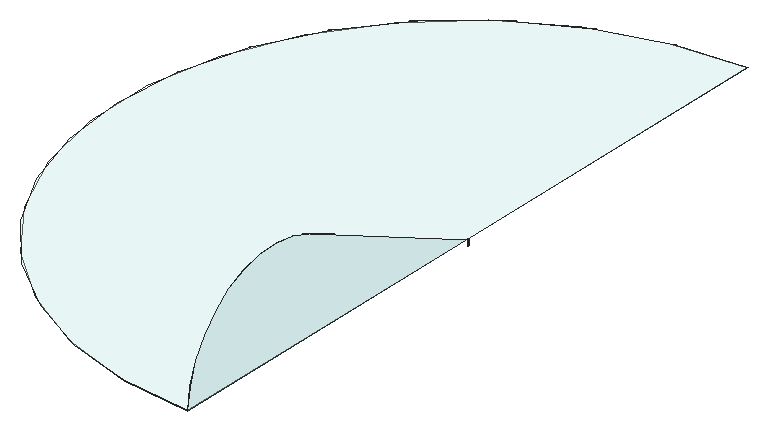
Revit family "Rotor Falvon 6504 Series - 6504FCNP", category Acessórios do tubo, Revit 2020
Family settings
  Cota do conector redondo = Utilizar diâmetro
  Tipo de parte = Normal
  Número OmniClass = 23.60.30.11.14
  Título OmniClass = Pipework Fittings
  Com base no plano de trabalho = Não
  Sempre na vertical = Sim
  Corte com vazios quando carregada = Não
  Compartilhado = Não
Parameters (values of type "Nozzle 18")
  Water = Water
  URL = "https://www.rainbird.com/"
  TABLE 90 = "TABLE 90psi"
  TABLE 80 = "TABLE 80psi"
  TABLE 70 = "TABLE 70psi"
  TABLE 60 = "TABLE 60psi"
  TABLE 50 = "TABLE 50psi"
  TABLE 40 = "TABLE 40psi"
  TABLE 30 = "TABLE 30psi"
  SupportProjetos: Reviw Date = ""  # constant formula
  SupportProjetos: Reviw = "R00"  # constant formula
  SupportProjetos: Level of Detail = "LOD 300"  # constant formula
  SupportProjetos: Developed = "MICHEL SOARES MOTA"  # constant formula
  SupportProjetos: Creation Date = "07/08/2020"  # constant formula
  Side inlet = no
  Rotation Water Visibility [instance] = Pop up on  # yes
  Rotation Angle [instance] = 180.00°
  RainBird: Product Link = "https://www.rainbird.com/"
  RainBird: Description = "FALCON 6504-FC-NP Rotor "  # constant formula
  RainBird: Comment [instance] = ""
  RainBird: Code = "B65031NP"  # constant formula
  Radius [instance] = if(and(Pressure = 30.0 psi, Instance < 3 ft), size_lookup(TABLE 30, "Radius", 0 ft, Instance), if(and(Pressure = 40.0 psi, Instance < 9 ft), size_lookup(TABLE 40, "Radius", 0 ft, Instance), if(and(Pressure = 50.0 psi, Instance < 9 ft), size_lookup(TABLE 50, "Radius", 0 ft, Instance), if(and(Pressure = 60.0 psi, Instance < 9 ft), size_lookup(TABLE 60, "Radius", 0 ft, Instance), if(and(Pressure = 70.0 psi, Instance < 9 ft), size_lookup(TABLE 70, "Radius", 0 ft, Instance), if(and(Pressure = 80.0 psi, Instance < 9 ft), size_lookup(TABLE 80, "Radius", 0 ft, Instance), if(and(Pressure = 90.0 psi, Instance > 7 ft), size_lookup(TABLE 90, "Radius", 600 ft, Instance), 0 ft)))))))  # 63 ft
  RT = 0.009893 ft
  RN = 0.032808 ft
  R5 = 0.03937 ft
  R4 = 0.04101 ft
  R3 = 0.065617 ft
  R2 = 0.075407 ft
  R1 = 0.032808 ft
  Pressure [instance] = 60.0 psi
  Pop up height = 0.334646 ft
  Pop up on [instance] = yes
  Modelo = "6504-FCNP"  # constant formula
  Instance = 8 ft
  H1 = Body height / 3  # 0.236333 ft
  Flow [instance] = if(and(Pressure = 30.0 psi, Instance < 3 ft), size_lookup(TABLE 30, "Flow", 0.0 GPM, Instance), if(and(Pressure = 40.0 psi, Instance < 9 ft), size_lookup(TABLE 40, "Flow", 0.0 GPM, Instance), if(and(Pressure = 50.0 psi, Instance < 9 ft), size_lookup(TABLE 50, "Flow", 0.0 GPM, Instance), if(and(Pressure = 60.0 psi, Instance < 9 ft), size_lookup(TABLE 60, "Flow", 0.0 GPM, Instance), if(and(Pressure = 70.0 psi, Instance < 9 ft), size_lookup(TABLE 70, "Flow", 0.0 GPM, Instance), if(and(Pressure = 80.0 psi, Instance < 9 ft), size_lookup(TABLE 80, "Flow", 0.0 GPM, Instance), if(and(Pressure = 90.0 psi, Instance > 7 ft), size_lookup(TABLE 90, "Flow", 0.0 GPM, Instance), 0.0 GPM)))))))  # 17.1 GPM
  Fabricante = "Rain Bird"
  Elevação padrão = 0 ft
  Description = RainBird: Description  # "FALCON 6504-FC-NP Rotor "
  DD13 = 0.002625 ft
  DD12 = 0.003937 ft
  DD11 = 0.009897 ft
  DD10 = 0.016404 ft
  DD8 [instance] = if(Pop up on, Pop up height, 0 ft)  # 0.334646 ft
  DD7 = 0.019685 ft
  DD6 [instance] = 0.016404 ft
  DD5 = 0.065617 ft
  DD4 = 0.032808 ft
  DD3 = 0.091048 ft
  DD2 [instance] = 0.024514 ft
  DD9 [instance] = if(Pop up on, Pop up height + 0.049541 ft, 0 ft)  # 0.384186 ft
  DD1 = 0.006562 ft
  Conection = 0.062664 ft  # constant formula
  Body height = 0.709 ft  # constant formula
  Blue = Blue Plastic
  Black Plastic = Black Plastic
  Angle = 25.00°
Types (9, lengths in ft): name | Radius | Pressure | Instance | Flow
  (no name) | 63 | 60.0 psi | 8 | 17.1 GPM
  Nozzle 4 | 43 | 80.0 psi | 1 | 4.6 GPM
  Nozzle 6 | 49 | 80.0 psi | 2 | 4.9 GPM
  Nozzle 8 | 53 | 80.0 psi | 3 | 9.4 GPM
  Nozzle 10 | 55 | 80.0 psi | 4 | 11.6 GPM
  Nozzle 12 | 61 | 80.0 psi | 5 | 14.0 GPM
  Tipo 14 | 61 | 80.0 psi | 6 | 16.2 GPM
  Nozzle 16 | 63 | 80.0 psi | 7 | 18.1 GPM
  Nozzle 18 | 63 | 60.0 psi | 8 | 17.1 GPM
Reference planes (ft)
  plane 1 "Centro (Frente/Trás)": y = 0
  plane 2: z = 0
  plane 3 "Centro (Esquerda/Direita)": x = 0
  plane 4: z = 0.003937
  plane 5: z = 0.002625
  plane 6: y = -0.065617
Forms (ft)
  Revolve 1, solid, material "Black Plastic" <- "Black Plastic"
    sketch origin (0, 0, 0) x (1, 0, 0) y (0, 0, 1)
      loop
        line (0.075407, -0.091048) -> (0.075407, -0.035324)
        arc (0.075407, -0.035324) -> (0.072509, -0.028329) -> (0.065514, -0.025431) r 0.009893
        line (0.065514, -0.025431) -> (0.046098, -0.025431) -> (0.046098, 0) -> (0.03937, 0) -> (0.03937, -0.334646) -> (0.019685, -0.334646) -> (0.019685, -0.702438) -> (0.032808, -0.702438) -> (0.032808, -0.709) -> (0.04101, -0.709) -> (0.04101, -0.702438) -> (0.055724, -0.702438)
        arc (0.055724, -0.702438) -> (0.062719, -0.699541) -> (0.065617, -0.692545) r 0.009893
        line (0.065617, -0.692545) -> (0.065617, -0.091048) -> (0.075407, -0.091048)
      axis (0, -0.709) -> (0, 0)
    angle from 0 to 360
  Extrusion 2, solid, material "Black Plastic" <- "Black Plastic"
    sketch origin (0, 0, 0) x (1, 0, 0) y (0, 1, 0)
      loop
        circle (0, 0) r 0.032808
    from -0.334646 to 0.334646
  Extrusion 3, void
    sketch origin (0, 0, 0) x (1, 0, 0) y (0, 1, 0)
      loop
        circle (0, 0) r 0.022844
    from -0.334646 to 0.334646
  Revolve 4, solid, material "Black Plastic" <- "Black Plastic"
    sketch origin (0, 0, 0) x (1, 0, 0) y (0, 0, 1)
      loop
        line (0, 0.334646) -> (0.037004, 0.334646) -> (0.037004, 0.344543)
        arc (0.037004, 0.344543) -> (0.01879, 0.349436) -> (0, 0.35105) r 0.10685
        line (0, 0.35105) -> (0, 0.334646)
      axis (0, 0.334646) -> (0, 0.35105)
    angle from 0 to 360
  Extrusion 5, solid, material "Blue Plastic" <- "Blue"
    sketch origin (0, 0, 0) x (1, 0, 0) y (0, 0, 1)
      loop
        circle (0, 0.310131) r 0.009129
      loop
        circle (0, 0.310131) r 0.004793
    from 0 to 0.034386
  Extrusion 6, void
    sketch origin (0, 0, 0) x (1, 0, 0) y (0, 0, 1)
      loop
        line (-0.02074, 0.328055) -> (-0.02074, 0.282426) -> (0.020672, 0.282426) -> (0.020672, 0.328055) -> (-0.02074, 0.328055)
      loop
        line (-0.018439, 0.325179) -> (-0.018439, 0.285685) -> (0.018179, 0.285685) -> (0.018179, 0.325179) -> (-0.018439, 0.325179)
    from 0.024556 to 0.06931
  Extrusion 7, solid, material "Black Plastic" <- "Black Plastic"
    sketch origin (0, 0, 0) x (1, 0, 0) y (0, 0, 1)
      loop
        line (0.046098, 0) -> (0.046098, -0.036876) -> (0.073493, -0.036876) -> (0.046098, 0)
    from -0.002998 to 0.002998
  Extrusion 8, solid, material "Black Plastic" <- "Black Plastic"
    sketch origin (0, 0, 0) x (-1, 0, 0) y (0, 0, -1)
      loop
        line (0.046098, 0) -> (0.073493, 0.036876) -> (0.046098, 0.036876) -> (0.046098, 0)
    from -0.002998 to 0.002998
  Extrusion 9, solid, material "Black Plastic" <- "Black Plastic"
    sketch origin (0, 0, 0) x (0.866025, 0.5, 0) y (0, 0, 1)
      loop
        line (0.046098, 0) -> (0.046098, -0.036876) -> (0.073493, -0.036876) -> (0.046098, 0)
    from -0.002998 to 0.002998
  Extrusion 10, solid, material "Black Plastic" <- "Black Plastic"
    sketch origin (0, 0, 0) x (-0.866025, -0.5, 0) y (0, 0, -1)
      loop
        line (0.046098, 0) -> (0.073493, 0.036876) -> (0.046098, 0.036876) -> (0.046098, 0)
    from -0.002998 to 0.002998
  Extrusion 11, solid, material "Black Plastic" <- "Black Plastic"
    sketch origin (0, 0, 0) x (0, 1, 0) y (0, 0, 1)
      loop
        line (0.046098, 0) -> (0.046098, -0.036876) -> (0.073493, -0.036876) -> (0.046098, 0)
    from -0.002998 to 0.002998
  Extrusion 12, solid, material "Black Plastic" <- "Black Plastic"
    sketch origin (0, 0, 0) x (0, -1, 0) y (0, 0, -1)
      loop
        line (0.046098, 0) -> (0.073493, 0.036876) -> (0.046098, 0.036876) -> (0.046098, 0)
    from -0.002998 to 0.002998
  Extrusion 13, solid, material "Black Plastic" <- "Black Plastic"
    sketch origin (0, 0, 0) x (0.5, 0.866025, 0) y (0, 0, 1)
      loop
        line (0.046098, 0) -> (0.046098, -0.036876) -> (0.073493, -0.036876) -> (0.046098, 0)
    from -0.002998 to 0.002998
  Extrusion 14, solid, material "Black Plastic" <- "Black Plastic"
    sketch origin (0, 0, 0) x (-0.5, -0.866025, 0) y (0, 0, -1)
      loop
        line (0.046098, 0) -> (0.073493, 0.036876) -> (0.046098, 0.036876) -> (0.046098, 0)
    from -0.002998 to 0.002998
  Extrusion 15, solid, material "Black Plastic" <- "Black Plastic"
    sketch origin (0, 0, 0) x (-0.5, 0.866025, 0) y (0, 0, 1)
      loop
        line (0.046098, 0) -> (0.046098, -0.036876) -> (0.073493, -0.036876) -> (0.046098, 0)
    from -0.002998 to 0.002998
  Extrusion 16, solid, material "Black Plastic" <- "Black Plastic"
    sketch origin (0, 0, 0) x (0.5, -0.866025, 0) y (0, 0, -1)
      loop
        line (0.046098, 0) -> (0.073493, 0.036876) -> (0.046098, 0.036876) -> (0.046098, 0)
    from -0.002998 to 0.002998
  Extrusion 17, solid, material "Black Plastic" <- "Black Plastic"
    sketch origin (0, 0, 0) x (-0.866025, 0.5, 0) y (0, 0, 1)
      loop
        line (0.046098, 0) -> (0.046098, -0.036876) -> (0.073493, -0.036876) -> (0.046098, 0)
    from -0.002998 to 0.002998
  Extrusion 18, solid, material "Black Plastic" <- "Black Plastic"
    sketch origin (0, 0, 0) x (0.866025, -0.5, 0) y (0, 0, -1)
      loop
        line (0.046098, 0) -> (0.073493, 0.036876) -> (0.046098, 0.036876) -> (0.046098, 0)
    from -0.002998 to 0.002998
  Extrusion 19, void
    sketch origin (0, 0, 0) x (1, 0, 0) y (0, 1, 0)
      loop
        line (-0.002998, 0.077702) -> (-0.002998, 0.071655) -> (0.002998, 0.071655) -> (0.002998, 0.077702) -> (-0.002998, 0.077702)
    from -0.091048 to 0.82021
  Extrusion 20, void
    sketch origin (0, 0, 0) x (1, 0, 0) y (0, 1, 0)
      loop
        line (0.002998, -0.077702) -> (0.002998, -0.071655) -> (-0.002998, -0.071655) -> (-0.002998, -0.077702) -> (0.002998, -0.077702)
    from -0.091048 to 0.82021
  Extrusion 21, void
    sketch origin (0, 0, 0) x (0.965926, 0.258819, 0) y (-0.258819, 0.965926, 0)
      loop
        line (-0.002998, 0.077702) -> (-0.002998, 0.071655) -> (0.002998, 0.071655) -> (0.002998, 0.077702) -> (-0.002998, 0.077702)
    from -0.091048 to 0.82021
  Extrusion 22, void
    sketch origin (0, 0, 0) x (0.965926, 0.258819, 0) y (-0.258819, 0.965926, 0)
      loop
        line (0.002998, -0.077702) -> (0.002998, -0.071655) -> (-0.002998, -0.071655) -> (-0.002998, -0.077702) -> (0.002998, -0.077702)
    from -0.091048 to 0.82021
  Extrusion 23, void
    sketch origin (0, 0, 0) x (0.866025, 0.5, 0) y (-0.5, 0.866025, 0)
      loop
        line (-0.002998, 0.077702) -> (-0.002998, 0.071655) -> (0.002998, 0.071655) -> (0.002998, 0.077702) -> (-0.002998, 0.077702)
    from -0.091048 to 0.82021
  Extrusion 24, void
    sketch origin (0, 0, 0) x (0.866025, 0.5, 0) y (-0.5, 0.866025, 0)
      loop
        line (0.002998, -0.077702) -> (0.002998, -0.071655) -> (-0.002998, -0.071655) -> (-0.002998, -0.077702) -> (0.002998, -0.077702)
    from -0.091048 to 0.82021
  Extrusion 25, void
    sketch origin (0, 0, 0) x (0.5, 0.866025, 0) y (-0.866025, 0.5, 0)
      loop
        line (-0.002998, 0.077702) -> (-0.002998, 0.071655) -> (0.002998, 0.071655) -> (0.002998, 0.077702) -> (-0.002998, 0.077702)
    from -0.091048 to 0.82021
  Extrusion 26, void
    sketch origin (0, 0, 0) x (0.5, 0.866025, 0) y (-0.866025, 0.5, 0)
      loop
        line (0.002998, -0.077702) -> (0.002998, -0.071655) -> (-0.002998, -0.071655) -> (-0.002998, -0.077702) -> (0.002998, -0.077702)
    from -0.091048 to 0.82021
  Extrusion 27, void
    sketch origin (0, 0, 0) x (0.707107, 0.707107, 0) y (-0.707107, 0.707107, 0)
      loop
        line (-0.002998, 0.077702) -> (-0.002998, 0.071655) -> (0.002998, 0.071655) -> (0.002998, 0.077702) -> (-0.002998, 0.077702)
    from -0.091048 to 0.82021
  Extrusion 28, void
    sketch origin (0, 0, 0) x (0.707107, 0.707107, 0) y (-0.707107, 0.707107, 0)
      loop
        line (0.002998, -0.077702) -> (0.002998, -0.071655) -> (-0.002998, -0.071655) -> (-0.002998, -0.077702) -> (0.002998, -0.077702)
    from -0.091048 to 0.82021
  Extrusion 29, void
    sketch origin (0, 0, 0) x (0.258819, 0.965926, 0) y (-0.965926, 0.258819, 0)
      loop
        line (-0.002998, 0.077702) -> (-0.002998, 0.071655) -> (0.002998, 0.071655) -> (0.002998, 0.077702) -> (-0.002998, 0.077702)
    from -0.091048 to 0.82021
  Extrusion 30, void
    sketch origin (0, 0, 0) x (0.258819, 0.965926, 0) y (-0.965926, 0.258819, 0)
      loop
        line (0.002998, -0.077702) -> (0.002998, -0.071655) -> (-0.002998, -0.071655) -> (-0.002998, -0.077702) -> (0.002998, -0.077702)
    from -0.091048 to 0.82021
  Extrusion 31, void
    sketch origin (0, 0, 0) x (0, 1, 0) y (-1, 0, 0)
      loop
        line (-0.002998, 0.077702) -> (-0.002998, 0.071655) -> (0.002998, 0.071655) -> (0.002998, 0.077702) -> (-0.002998, 0.077702)
    from -0.091048 to 0.82021
  Extrusion 32, void
    sketch origin (0, 0, 0) x (0, 1, 0) y (-1, 0, 0)
      loop
        line (0.002998, -0.077702) -> (0.002998, -0.071655) -> (-0.002998, -0.071655) -> (-0.002998, -0.077702) -> (0.002998, -0.077702)
    from -0.091048 to 0.82021
  Extrusion 33, void
    sketch origin (0, 0, 0) x (-0.258819, 0.965926, 0) y (-0.965926, -0.258819, 0)
      loop
        line (-0.002998, 0.077702) -> (-0.002998, 0.071655) -> (0.002998, 0.071655) -> (0.002998, 0.077702) -> (-0.002998, 0.077702)
    from -0.091048 to 0.82021
  Extrusion 34, void
    sketch origin (0, 0, 0) x (-0.258819, 0.965926, 0) y (-0.965926, -0.258819, 0)
      loop
        line (0.002998, -0.077702) -> (0.002998, -0.071655) -> (-0.002998, -0.071655) -> (-0.002998, -0.077702) -> (0.002998, -0.077702)
    from -0.091048 to 0.82021
  Extrusion 35, void
    sketch origin (0, 0, 0) x (-0.5, 0.866025, 0) y (-0.866025, -0.5, 0)
      loop
        line (-0.002998, 0.077702) -> (-0.002998, 0.071655) -> (0.002998, 0.071655) -> (0.002998, 0.077702) -> (-0.002998, 0.077702)
    from -0.091048 to 0.82021
  Extrusion 36, void
    sketch origin (0, 0, 0) x (-0.5, 0.866025, 0) y (-0.866025, -0.5, 0)
      loop
        line (0.002998, -0.077702) -> (0.002998, -0.071655) -> (-0.002998, -0.071655) -> (-0.002998, -0.077702) -> (0.002998, -0.077702)
    from -0.091048 to 0.82021
  Extrusion 37, void
    sketch origin (0, 0, 0) x (-0.707107, 0.707107, 0) y (-0.707107, -0.707107, 0)
      loop
        line (-0.002998, 0.077702) -> (-0.002998, 0.071655) -> (0.002998, 0.071655) -> (0.002998, 0.077702) -> (-0.002998, 0.077702)
    from -0.091048 to 0.82021
  Extrusion 38, void
    sketch origin (0, 0, 0) x (-0.707107, 0.707107, 0) y (-0.707107, -0.707107, 0)
      loop
        line (0.002998, -0.077702) -> (0.002998, -0.071655) -> (-0.002998, -0.071655) -> (-0.002998, -0.077702) -> (0.002998, -0.077702)
    from -0.091048 to 0.82021
  Extrusion 39, void
    sketch origin (0, 0, 0) x (-0.866025, 0.5, 0) y (-0.5, -0.866025, 0)
      loop
        line (-0.002998, 0.077702) -> (-0.002998, 0.071655) -> (0.002998, 0.071655) -> (0.002998, 0.077702) -> (-0.002998, 0.077702)
    from -0.091048 to 0.82021
  Extrusion 40, void
    sketch origin (0, 0, 0) x (-0.866025, 0.5, 0) y (-0.5, -0.866025, 0)
      loop
        line (0.002998, -0.077702) -> (0.002998, -0.071655) -> (-0.002998, -0.071655) -> (-0.002998, -0.077702) -> (0.002998, -0.077702)
    from -0.091048 to 0.82021
  Extrusion 41, void
    sketch origin (0, 0, 0) x (-0.965926, 0.258819, 0) y (-0.258819, -0.965926, 0)
      loop
        line (-0.002998, 0.077702) -> (-0.002998, 0.071655) -> (0.002998, 0.071655) -> (0.002998, 0.077702) -> (-0.002998, 0.077702)
    from -0.091048 to 0.82021
  Extrusion 42, void
    sketch origin (0, 0, 0) x (-0.965926, 0.258819, 0) y (-0.258819, -0.965926, 0)
      loop
        line (0.002998, -0.077702) -> (0.002998, -0.071655) -> (-0.002998, -0.071655) -> (-0.002998, -0.077702) -> (0.002998, -0.077702)
    from -0.091048 to 0.82021
  Extrusion 43, solid, material "Water" <- "Water", visible <- "Rotation Water Visibility"
    sketch origin (0, 0, 0) x (0, 1, 0) y (0, 0, 1)
      loop
        line (-0.032808, 0.310131) -> (-35.615202, 16.902474)
        arc (-35.615202, 16.902474) -> (-53.751991, 15.923219) -> (-63.032808, 0.310131) r 19.287003
        line (-63.032808, 0.310131) -> (-0.032808, 0.310131)
    from -0.008202 to 0.008202
Cuts and joins
  Extrusion 3, Extrusion 6 cuts Extrusion 2
  Extrusion 19, Extrusion 20, Extrusion 21, Extrusion 22, Extrusion 23, Extrusion 24, Extrusion 25, Extrusion 26, Extrusion 27, Extrusion 28, Extrusion 29, Extrusion 30, Extrusion 31, Extrusion 32, Extrusion 33, Extrusion 34, Extrusion 35, Extrusion 36, Extrusion 37, Extrusion 38, Extrusion 39, Extrusion 40, Extrusion 41, Extrusion 42 cuts Revolve 1
Dimensions and locks (ft)
  "Body height": level to Revolve 1 sketch curve
  "R2": Revolve 1 sketch curve to plane 3 "Centro (Esquerda/Direita)"
  "DD1": Revolve 1 sketch curve to Revolve 1 sketch curve
  "DD3": level to Revolve 1 sketch curve
  Revolve 1 sketch curve to plane 3 "Centro (Esquerda/Direita)" = 0.065617 ft
  "R4": Revolve 1 sketch curve to plane 3 "Centro (Esquerda/Direita)"
  "RN": Revolve 1 sketch curve to plane 3 "Centro (Esquerda/Direita)"
  "Pop up height": level to Revolve 1 sketch curve
  "R5": plane 3 "Centro (Esquerda/Direita)" to Revolve 1 sketch curve
  "DD7": Revolve 1 sketch curve to plane 3 "Centro (Esquerda/Direita)"
  "DD8": Extrusion 2 to level
  "DD12": plane 4 to level
  "DD13": plane 5 to level
  "R3": plane 6 to plane 1 "Centro (Frente/Trás)"
  "DD5": Revolve 1 sketch curve to Revolve 1 sketch curve
  "DD10": Revolve 4 sketch curve to Revolve 4 sketch curve
  "DD11": Revolve 4 sketch curve to Revolve 4 sketch curve
  "DD2": Revolve 4 to Extrusion 5 sketch curve  (x2)
  Extrusion 7 to plane 3 "Centro (Esquerda/Direita)" = 0.046098 ft
  equal spacing: Extrusion 7, plane 1 "Centro (Frente/Trás)", Extrusion 7
  Extrusion 8 to Extrusion 8 = 0.005995 ft
  Extrusion 9 to Extrusion 9 = 0.005995 ft
  Extrusion 20 sketch curve to Extrusion 20 sketch curve = 0.005995 ft
  Extrusion 22 sketch curve to Extrusion 22 sketch curve = 0.005995 ft
  Extrusion 24 sketch curve to Extrusion 24 sketch curve = 0.005995 ft
  Extrusion 26 sketch curve to Extrusion 26 sketch curve = 0.005995 ft
  Extrusion 28 sketch curve to Extrusion 28 sketch curve = 0.005995 ft
  Extrusion 30 sketch curve to Extrusion 30 sketch curve = 0.005995 ft
  Extrusion 32 sketch curve to Extrusion 32 sketch curve = 0.005995 ft
  Extrusion 34 sketch curve to Extrusion 34 sketch curve = 0.005995 ft
  Extrusion 36 sketch curve to Extrusion 36 sketch curve = 0.005995 ft
  Extrusion 38 sketch curve to Extrusion 38 sketch curve = 0.005995 ft
  Extrusion 40 sketch curve to Extrusion 40 sketch curve = 0.005995 ft
  Extrusion 42 sketch curve to Extrusion 42 sketch curve = 0.005995 ft
  "DD4": plane 1 "Centro (Frente/Trás)" to Extrusion 43 sketch curve
  "DD2": Revolve 4 to Extrusion 43 sketch curve
  "Radius": Extrusion 43 sketch curve to Extrusion 43 sketch curve
  equal spacing: Extrusion 43, plane 3 "Centro (Esquerda/Direita)", Extrusion 43
  "DD6": Extrusion 43 to Extrusion 43
  "DD2": Revolve 4 to nested 1
  "RT": radius of Revolve 1 sketch curve  (x2)
  "R1": radius of Extrusion 2 sketch curve
  "Angle": angle Extrusion 43 sketch curve to Extrusion 43 sketch curve
  aligned and locked: level to plane 2
  aligned and locked: Revolve 1 sketch curve to Revolve 1 sketch curve
  aligned and locked: Extrusion 2 to Revolve 1
  aligned and locked: cut or joined group of Extrusion 2, Extrusion 3, Extrusion 6 to cut or joined group of Extrusion 2, Extrusion 3, Extrusion 6  (x2)
  aligned and locked: Revolve 4 sketch curve to cut or joined group of Extrusion 2, Extrusion 3, Extrusion 6
  aligned and locked: Extrusion 20 to Revolve 1
  aligned and locked: Extrusion 22 to Revolve 1
  aligned and locked: Extrusion 24 to Revolve 1
  aligned and locked: Extrusion 28 to Revolve 1
  aligned and locked: Extrusion 26 to Revolve 1
  aligned and locked: Extrusion 30 to Revolve 1
  aligned and locked: Extrusion 32 to Revolve 1
  aligned and locked: Extrusion 34 to Revolve 1
  aligned and locked: Revolve 1 to Extrusion 36
  aligned and locked: Revolve 1 to Extrusion 38
  aligned and locked: Extrusion 41 to Revolve 1
  aligned and locked: Extrusion 39 to Revolve 1
  aligned and locked: Extrusion 37 to Revolve 1
  aligned and locked: Extrusion 35 to Revolve 1
  aligned and locked: Extrusion 33 to Revolve 1
  aligned and locked: Extrusion 31 to Revolve 1
  aligned and locked: Extrusion 29 to Revolve 1
  aligned and locked: Revolve 1 to Extrusion 25
  aligned and locked: Revolve 1 to Extrusion 27
  aligned and locked: Revolve 1 to Extrusion 19
  aligned and locked: Revolve 1 to Extrusion 21
  aligned and locked: Revolve 1 to Extrusion 42
  aligned and locked: Revolve 1 to Extrusion 40
  aligned and locked: Revolve 1 to Extrusion 23
Automatic sketch dimensions
  plane 1 "Centro (Frente/Trás)" to Extrusion 2 sketch curve = 0 ft
  Extrusion 2 sketch curve to plane 3 "Centro (Esquerda/Direita)" = 0 ft
  plane 1 "Centro (Frente/Trás)" to Extrusion 3 sketch curve = 0 ft
  Extrusion 3 sketch curve to plane 3 "Centro (Esquerda/Direita)" = 0 ft
  Revolve 4 sketch curve to plane 3 "Centro (Esquerda/Direita)" = 0 ft  (x2)
  plane 3 "Centro (Esquerda/Direita)" to Revolve 4 sketch curve = 0.000284 ft
  plane 3 "Centro (Esquerda/Direita)" to Revolve 4 sketch curve = 0.037004 ft
  Revolve 4 sketch curve to Revolve 4 sketch curve = 0.015719 ft
  Revolve 4 sketch curve to Revolve 4 sketch curve = 0.114829 ft
  Extrusion 5 sketch curve to Extrusion 5 sketch curve = 0 ft
  Extrusion 5 sketch curve to plane 3 "Centro (Esquerda/Direita)" = 0 ft
  Extrusion 6 sketch curve to plane 3 "Centro (Esquerda/Direita)" = 0.02074 ft
  Extrusion 6 sketch curve to Extrusion 6 sketch curve = 0.002301 ft
  plane 3 "Centro (Esquerda/Direita)" to Extrusion 6 sketch curve = 0.018179 ft
  Extrusion 6 sketch curve to Extrusion 6 sketch curve = 0.002492 ft
  plane 4 to Extrusion 6 sketch curve = 0.278489 ft
  Extrusion 6 sketch curve to Extrusion 6 sketch curve = 0.003259 ft
  Extrusion 6 sketch curve to Extrusion 6 sketch curve = 0.039494 ft
  Extrusion 6 sketch curve to Extrusion 6 sketch curve = 0.002876 ft
  Extrusion 7 sketch curve to level = 0 ft
  plane 3 "Centro (Esquerda/Direita)" to Extrusion 7 sketch curve = 0.046098 ft
  Extrusion 7 sketch curve to Extrusion 7 sketch curve = 0.027396 ft
  Extrusion 7 sketch curve to Extrusion 7 sketch curve = 0.036876 ft
  Extrusion 8 sketch curve to level = 0 ft
  plane 3 "Centro (Esquerda/Direita)" to Extrusion 8 sketch curve = 0.046098 ft
  Extrusion 8 sketch curve to Extrusion 8 sketch curve = 0.027396 ft
  Extrusion 8 sketch curve to Extrusion 8 sketch curve = 0.036876 ft
  Extrusion 9 sketch curve to level = 0 ft
  Extrusion 9 sketch curve to level = 0.036876 ft
  Extrusion 9 sketch curve to Extrusion 9 sketch curve = 0.027396 ft
  Extrusion 10 sketch curve to level = 0 ft
  Extrusion 10 sketch curve to level = 0.036876 ft
  Extrusion 10 sketch curve to Extrusion 10 sketch curve = 0.027396 ft
  Extrusion 11 sketch curve to level = 0 ft
  Extrusion 11 sketch curve to plane 1 "Centro (Frente/Trás)" = 0.046098 ft
  Extrusion 11 sketch curve to Extrusion 11 sketch curve = 0.027396 ft
  Extrusion 11 sketch curve to Extrusion 11 sketch curve = 0.036876 ft
  Extrusion 12 sketch curve to level = 0 ft
  plane 6 to Extrusion 12 sketch curve = 0.019519 ft
  Extrusion 12 sketch curve to plane 6 = 0.007877 ft
  Extrusion 12 sketch curve to level = 0.036876 ft
  Extrusion 13 sketch curve to level = 0 ft
  Extrusion 13 sketch curve to level = 0.036876 ft
  Extrusion 13 sketch curve to Extrusion 13 sketch curve = 0.027396 ft
  Extrusion 14 sketch curve to level = 0 ft
  Extrusion 14 sketch curve to level = 0.036876 ft
  Extrusion 14 sketch curve to Extrusion 14 sketch curve = 0.027396 ft
  level to Extrusion 15 sketch curve = 0 ft
  Extrusion 15 sketch curve to level = 0.036876 ft
  Extrusion 15 sketch curve to Extrusion 15 sketch curve = 0.027396 ft
  level to Extrusion 16 sketch curve = 0 ft
  Extrusion 16 sketch curve to level = 0.036876 ft
  Extrusion 16 sketch curve to Extrusion 16 sketch curve = 0.027396 ft
  level to Extrusion 17 sketch curve = 0 ft
  Extrusion 17 sketch curve to level = 0.036876 ft
  Extrusion 17 sketch curve to Extrusion 17 sketch curve = 0.027396 ft
  level to Extrusion 18 sketch curve = 0 ft
  Extrusion 18 sketch curve to level = 0.036876 ft
  Extrusion 18 sketch curve to Extrusion 18 sketch curve = 0.027396 ft
  Extrusion 19 sketch curve to plane 3 "Centro (Esquerda/Direita)" = 0.002998 ft
  Extrusion 19 sketch curve to plane 1 "Centro (Frente/Trás)" = 0.071655 ft
  Extrusion 19 sketch curve to Extrusion 19 sketch curve = 0.006047 ft
  plane 3 "Centro (Esquerda/Direita)" to Extrusion 20 sketch curve = 0.002998 ft
  plane 6 to Extrusion 20 sketch curve = 0.006038 ft
  Extrusion 20 sketch curve to Extrusion 20 sketch curve = 0.006047 ft
  plane 3 "Centro (Esquerda/Direita)" to Extrusion 19 sketch curve = 0.002998 ft
  Extrusion 21 sketch curve to plane 3 "Centro (Esquerda/Direita)" = 0.021441 ft
  Extrusion 21 sketch curve to plane 1 "Centro (Frente/Trás)" = 0.068438 ft
  Extrusion 21 sketch curve to Extrusion 21 sketch curve = 0.005995 ft
  Extrusion 21 sketch curve to Extrusion 21 sketch curve = 0.006047 ft
  Extrusion 22 sketch curve to plane 6 = 0.010213 ft
  plane 3 "Centro (Esquerda/Direita)" to Extrusion 22 sketch curve = 0.017215 ft
  Extrusion 22 sketch curve to Extrusion 22 sketch curve = 0.006047 ft
  Extrusion 23 sketch curve to plane 3 "Centro (Esquerda/Direita)" = 0.038424 ft
  Extrusion 23 sketch curve to plane 1 "Centro (Frente/Trás)" = 0.060556 ft
  Extrusion 23 sketch curve to Extrusion 23 sketch curve = 0.005995 ft
  Extrusion 23 sketch curve to Extrusion 23 sketch curve = 0.006047 ft
  Extrusion 24 sketch curve to plane 6 = 0.003174 ft
  plane 3 "Centro (Esquerda/Direita)" to Extrusion 24 sketch curve = 0.036255 ft
  Extrusion 24 sketch curve to Extrusion 24 sketch curve = 0.006047 ft
  Extrusion 25 sketch curve to plane 1 "Centro (Frente/Trás)" = 0.033231 ft
  Extrusion 25 sketch curve to plane 3 "Centro (Esquerda/Direita)" = 0.063554 ft
  Extrusion 25 sketch curve to Extrusion 25 sketch curve = 0.005995 ft
  Extrusion 25 sketch curve to Extrusion 25 sketch curve = 0.006047 ft
  Extrusion 26 sketch curve to plane 6 = 0.02417 ft
  Extrusion 26 sketch curve to plane 3 "Centro (Esquerda/Direita)" = 0.065793 ft
  Extrusion 26 sketch curve to Extrusion 26 sketch curve = 0.006047 ft
  Extrusion 27 sketch curve to plane 1 "Centro (Frente/Trás)" = 0.048548 ft
  Extrusion 27 sketch curve to plane 3 "Centro (Esquerda/Direita)" = 0.052787 ft
  Extrusion 27 sketch curve to Extrusion 27 sketch curve = 0.005995 ft
  Extrusion 27 sketch curve to Extrusion 27 sketch curve = 0.006047 ft
  plane 6 to Extrusion 28 sketch curve = 0.008554 ft
  plane 3 "Centro (Esquerda/Direita)" to Extrusion 28 sketch curve = 0.052824 ft
  Extrusion 28 sketch curve to Extrusion 28 sketch curve = 0.006047 ft
  Extrusion 29 sketch curve to plane 1 "Centro (Frente/Trás)" = 0.01565 ft
  Extrusion 29 sketch curve to plane 3 "Centro (Esquerda/Direita)" = 0.069989 ft
  Extrusion 29 sketch curve to Extrusion 29 sketch curve = 0.005995 ft
  Extrusion 29 sketch curve to Extrusion 29 sketch curve = 0.006047 ft
  plane 1 "Centro (Frente/Trás)" to Extrusion 30 sketch curve = 0.023006 ft
  plane 3 "Centro (Esquerda/Direita)" to Extrusion 30 sketch curve = 0.074278 ft
  Extrusion 30 sketch curve to Extrusion 30 sketch curve = 0.006047 ft
  plane 1 "Centro (Frente/Trás)" to Extrusion 31 sketch curve = 0.002998 ft
  Extrusion 31 sketch curve to plane 1 "Centro (Frente/Trás)" = 0.002998 ft
  Extrusion 31 sketch curve to plane 3 "Centro (Esquerda/Direita)" = 0.071655 ft
  Extrusion 31 sketch curve to Extrusion 31 sketch curve = 0.006047 ft
  plane 1 "Centro (Frente/Trás)" to Extrusion 32 sketch curve = 0.002998 ft
  plane 3 "Centro (Esquerda/Direita)" to Extrusion 32 sketch curve = 0.077702 ft
  Extrusion 32 sketch curve to Extrusion 32 sketch curve = 0.006047 ft
  plane 1 "Centro (Frente/Trás)" to Extrusion 33 sketch curve = 0.021441 ft
  Extrusion 33 sketch curve to plane 3 "Centro (Esquerda/Direita)" = 0.068438 ft
  Extrusion 33 sketch curve to Extrusion 33 sketch curve = 0.005995 ft
  Extrusion 33 sketch curve to Extrusion 33 sketch curve = 0.006047 ft
  Extrusion 34 sketch curve to plane 1 "Centro (Frente/Trás)" = 0.017215 ft
  plane 3 "Centro (Esquerda/Direita)" to Extrusion 34 sketch curve = 0.07583 ft
  Extrusion 34 sketch curve to Extrusion 34 sketch curve = 0.006047 ft
  plane 6 to Extrusion 35 sketch curve = 0.027193 ft
  Extrusion 35 sketch curve to plane 3 "Centro (Esquerda/Direita)" = 0.060556 ft
  Extrusion 35 sketch curve to Extrusion 35 sketch curve = 0.005995 ft
  Extrusion 35 sketch curve to Extrusion 35 sketch curve = 0.006047 ft
  Extrusion 36 sketch curve to plane 1 "Centro (Frente/Trás)" = 0.036255 ft
  plane 3 "Centro (Esquerda/Direita)" to Extrusion 36 sketch curve = 0.068791 ft
  Extrusion 36 sketch curve to Extrusion 36 sketch curve = 0.006047 ft
  plane 6 to Extrusion 37 sketch curve = 0.012829 ft
  Extrusion 37 sketch curve to plane 3 "Centro (Esquerda/Direita)" = 0.048548 ft
  Extrusion 37 sketch curve to Extrusion 37 sketch curve = 0.005995 ft
  Extrusion 37 sketch curve to Extrusion 37 sketch curve = 0.006047 ft
  Extrusion 38 sketch curve to plane 1 "Centro (Frente/Trás)" = 0.052824 ft
  plane 3 "Centro (Esquerda/Direita)" to Extrusion 38 sketch curve = 0.057063 ft
  Extrusion 38 sketch curve to Extrusion 38 sketch curve = 0.006047 ft
  plane 6 to Extrusion 39 sketch curve = 0.002063 ft
  Extrusion 39 sketch curve to plane 3 "Centro (Esquerda/Direita)" = 0.033231 ft
  Extrusion 39 sketch curve to Extrusion 39 sketch curve = 0.005995 ft
  Extrusion 39 sketch curve to Extrusion 39 sketch curve = 0.006047 ft
  plane 3 "Centro (Esquerda/Direita)" to Extrusion 40 sketch curve = 0.041447 ft
  Extrusion 40 sketch curve to plane 1 "Centro (Frente/Trás)" = 0.065793 ft
  Extrusion 40 sketch curve to Extrusion 40 sketch curve = 0.006047 ft
  Extrusion 41 sketch curve to plane 6 = 0.004372 ft
  Extrusion 41 sketch curve to plane 3 "Centro (Esquerda/Direita)" = 0.01565 ft
  Extrusion 41 sketch curve to Extrusion 41 sketch curve = 0.005995 ft
  Extrusion 41 sketch curve to Extrusion 41 sketch curve = 0.006047 ft
  plane 3 "Centro (Esquerda/Direita)" to Extrusion 42 sketch curve = 0.023006 ft
  Extrusion 42 sketch curve to plane 1 "Centro (Frente/Trás)" = 0.074278 ft
  Extrusion 42 sketch curve to Extrusion 42 sketch curve = 0.006047 ft
  Revolve 1 sketch curve to plane 3 "Centro (Esquerda/Direita)" = 0 ft
  Revolve 1 sketch curve to level = 0 ft
  Revolve 1 sketch curve to Revolve 1 sketch curve = 0.019416 ft
  plane 4 to Revolve 1 sketch curve = 0.079347 ft
  Revolve 1 sketch curve to Revolve 1 sketch curve = 0.918635 ft
  Extrusion 43 sketch curve to level = 0.577487 ft
  radius of Extrusion 3 sketch curve = 0.022844 ft
  radius of Extrusion 5 sketch curve = 0.009129 ft
  radius of Extrusion 5 sketch curve = 0.004793 ft
Nested families (ft)
  nested 1: "Water" at (0.00013, 0, 0.190874) x (0, -1, 0) z (0, 0, 1), DT9 <- "DD4", Radius <- "Radius", visible <- "Rotation Water Visibility", Rotation Angle <- "Rotation Angle", type "Water"
    with Rotation Angle 180.00°, Radius 63 ft, DT9 0.032808 ft, DT8 0 ft, DT7 252 ft, DT4 315 ft, Angle 2 180.00°
Connectors (ft)
  piping at (0, 0, -0.709), diameter 2
    settings: on cut or joined group of Revolve 1, Extrusion 19, Extrusion 20, Extrusion 21, Extrusion 22, Extrusion 23, Extrusion 24, Extrusion 25, Extrusion 26, Extrusion 27, Extrusion 28, Extrusion 29, Extrusion 30, Extrusion 31, Extrusion 32, Extrusion 33, Extrusion 34, Extrusion 35, Extrusion 36, Extrusion 37, Extrusion 38, Extrusion 39, Extrusion 40, Extrusion 41, Extrusion 42, index 1, connector inside diameter 609.6 mm, connector length 0 ft, flow factor 0, pipe flow 0.0 GPM, pressure drop 0.0 psi, fitting loss kfactor 0, connector angle 0.00°, fixture units 0, engagement length 0 ft, angle of deflection 0.00°, flow configuration 0, flow direction 0, fitting loss method 0, system type 28, joint type 0, gender type 0, connector reference index -1, connector utility 0, adjustable connector no, is connector primary yes, connector description ""
Definition of nested family "Water"
  Parameters (values of type "Water")
    Water Visibility (Circle) = yes
    Water = none
    URL = ""
    SupportProjetos: Reviw Date = ""  # constant formula
    SupportProjetos: Level of Detail = "LOD 300"  # constant formula
    SupportProjetos: Developed = "MICHEL SOARES MOTA"  # constant formula
    SupportProjetos: Creation Date = "16/07/2020"  # constant formula
    Rotation Angle [instance] = 90.00°
    Reviw = "R00"  # constant formula
    Radius [instance] = 14 ft
    Model = ""
    Default Elevation = 4 ft
    Description = ""
    DT9 [instance] = 0.032808 ft
    DT8 [instance] = if(Rotation Angle = 360.00°, 10 ft, 0 ft)  # 0 ft
    DT7 [instance] = 4 * Radius  # 56 ft
    DT4 [instance] = 5 * Radius  # 70 ft
    DT2 = 0.098425 ft  # constant formula
    DT6 = 0 ft
    Angle 2 [instance] = if(Rotation Angle = 360.00°, 180.00°, 360.00° - Rotation Angle)  # 270.00°
  Reference planes (ft)
    plane 1 "Centro (Frente/Trás)": y = 0
    plane 2: z = 0
    plane 3 "Centro (Esquerda/Direita)": x = 0
  Forms (ft)
    Revolve 1, solid, material <- "Water", visible <- "Water Visibility (Circle)"
      sketch origin (0, 0, 0) x (1, 0, 0) y (0, 0, 1)
        loop
          line (0.032808, 0.098425) -> (14.032808, 0.098425) -> (14.032808, 0.119259) -> (0.032808, 0.119259) -> (0.032808, 0.098425)
        axis (0, 0.098425) -> (0, 0.119259)
      angle from 0 to 360
    Extrusion 2, void
      sketch origin (0, 0, 0) x (1, 0, 0) y (0, 1, 0)
        loop
          line (0, 0) -> (70, 0) -> (70, 56)
          arc (70, 56) -> (-70.459018, 51.588344) -> (0, -70) r 81.847109
          line (0, -70) -> (0, 0)
      from 0 to 15.189231
  Cuts and joins
    Extrusion 2 cuts Revolve 1
  Dimensions and locks (ft)
    "DT2": Revolve 1 sketch curve to level
    "DT4": Extrusion 2 sketch curve to Extrusion 2 sketch curve  (x2)
    "DT6": Extrusion 2 sketch curve to plane 3 "Centro (Esquerda/Direita)"
    "DT7": Extrusion 2 sketch curve to Extrusion 2 sketch curve
    "DT8": cut or joined group of Revolve 1, Extrusion 2 to level
    "Radius": Revolve 1 sketch curve to Revolve 1 sketch curve
    "DT9": Revolve 1 sketch curve to plane 3 "Centro (Esquerda/Direita)"
    "Angle 2": angle Extrusion 2 sketch curve to Extrusion 2 sketch curve
    aligned and locked: level to plane 2
    aligned and locked: plane 1 "Centro (Frente/Trás)" to Extrusion 2 sketch curve
  Automatic sketch dimensions
    plane 3 "Centro (Esquerda/Direita)" to Extrusion 2 sketch curve = 1.088227 ft
    Revolve 1 sketch curve to plane 3 "Centro (Esquerda/Direita)" = 0 ft
    Revolve 1 sketch curve to Revolve 1 sketch curve = 0.020833 ft
    Revolve 1 sketch curve to Revolve 1 sketch curve = 0.032113 ft
    Revolve 1 sketch curve to Revolve 1 sketch curve = 10.2693 ft
